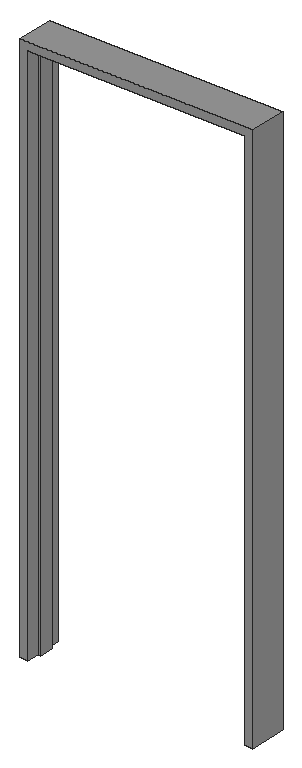
Revit family "J140DR813 (873x2082mm)", category Doors, host Wall, Revit 2013
Parameters (values of type "J140DR813 (873x2082mm)")
  Function = Interior
  Frame Projection Ext. = 25 mm
  Frame Projection Int. = 25 mm
  Frame Width = 75 mm
  Height = 2082 mm
  Wall Closure = By host
  Width = 873 mm
Reference planes
  plane 1: y = 0
  plane 2 "Center (Left/Right)": x = 0
  plane 3 "Left": x = -436.5
  plane 4 "Right": x = 436.5
  plane 5: z = 2082
  plane 6 "Exterior": y = 75
  plane 7 "Interior": y = -75
Forms (mm)
  Sweep 1, solid, material "Lauan, Meranti"
    path origin (0, 75, 0) x (1, 0, 0) y (0, 0, 1)
      loop
        line (436.5, 0) -> (436.5, 2082) -> (-436.5, 2082) -> (-436.5, 0)
    profile "Van Acht 140x42 Jambliner Profile : Van Acht 140x42 Jambliner Profile" origin (436.5, 75, 1041) x (-1, 0, 0) y (0, -1, 0)
      loop
        line (0, 5) -> (30, 5) -> (30, 50) -> (42, 50) -> (42, 100) -> (30, 100) -> (30, 145) -> (0, 145) -> (0, 5)
Lines and regions (mm)
  Opening 1
    outline origin (-3050, -75, 0) x (1, 0, 0) y (0, 0, 1)
      loop
        line (2613.5, 0) -> (3486.5, 0) -> (3486.5, 2082) -> (2613.5, 2082) -> (2613.5, 0)
  symbolic lines, style "Elevation Swing"
    curve 1: line (436.5, -75, 1041) -> (-436.5, -75, 2082)
    curve 2: line (436.5, -75, 1041) -> (-436.5, -75, 0)
  model lines
    curve 3: line (-406.5, 70, 0) -> (-406.5, 883, 0)
    curve 4: arc (-406.5, 883, 0) -> (168.378, 644.878, 0) -> (406.5, 70, 0) r 813
Text (mm)
  text "Exterior" at (-2295.016, 1099.543, 0), in view "Ref. Level"
  text "Exterior" at (0, 1615.38, 3698.081), in view "Left"
  text "Exterior" at (0, 1036.032, 3874.932), in view "Right"
Dimensions and locks
  equal spacing: plane 3 "Left", plane 2 "Center (Left/Right)", plane 4 "Right"
  "Width": plane 3 "Left" to plane 4 "Right"
  "Height": plane 5 to host wall
  equal spacing: host wall, curve 2, plane 5
  host wall to plane 5 = 2082 mm
  locked: plane 6 "Exterior" to host wall at 0
  locked: plane 7 "Interior" to host wall
  plane 3 "Left" to plane 4 "Right" = 873 mm
  aligned and locked: plane 3 "Left" to Opening 1 sketch curve
  aligned and locked: plane 5 to Opening 1 sketch curve  (x2)
  aligned and locked: Opening 1 sketch curve to plane 4 "Right"
  aligned and locked: Opening 1 sketch curve to level
  aligned and locked: plane 5 to curve 1
  aligned and locked: plane 3 "Left" to curve 2
  aligned and locked: plane 1 to host wall
  aligned and locked: plane 3 "Left" to curve 1
Automatic sketch dimensions
  plane 4 "Right" to Sweep 1 sketch curve = 0 mm
  Sweep 1 sketch curve to plane 5 = 0 mm
  plane 3 "Left" to Sweep 1 sketch curve = 0 mm
  Sweep 1 sketch curve to level = 0 mm  (x2)
  curve 2 to level = 0 mm
  plane 4 "Right" to curve 2 = 0 mm
  curve 3 to plane 3 "Left" = 30 mm
  curve 4 to host wall = 5 mm
  plane 4 "Right" to curve 4 = 30 mm
  curve 3 to curve 4 = 0 mm
